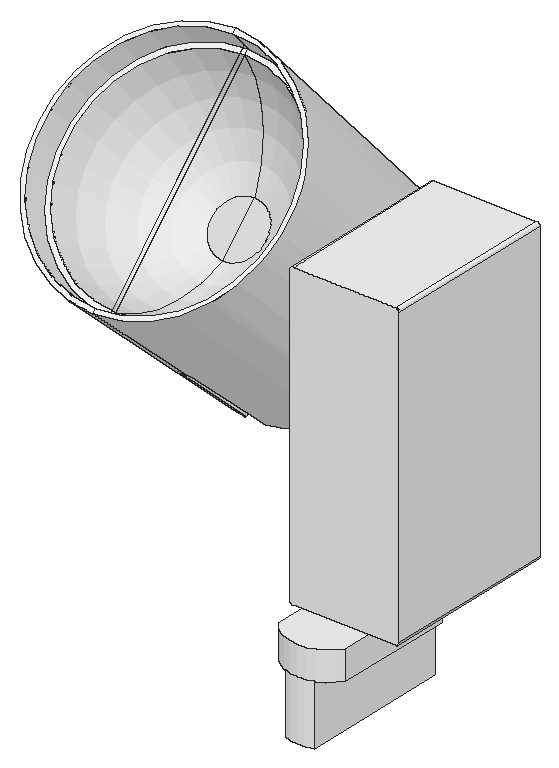
Revit family "0004882 Feilo Sylvania Lighting Fixture START TRACK SPOT L 55W 4K RA90 WB WHITE", category Lighting Fixtures, host Face, Revit 2017 (continued)
Definition of nested family "Start Track Spot Head"
  Types (96, lengths in mm): name | Wattage | built-in parameter 1150134 | Photometric Web File | Model | built-in parameter 1150105 | Lumens | built-in parameter 1150107 | built-in parameter 1150106 | HeadThickness_FEILO | HeadRibOffset_FEILO | HeadRibDepth_FEILO | HeadRibCutWidth_FEILO | HeadRibCutOffset_FEILO | HeadReflectorRadius_FEILO | HeadReflectorOffset_FEILO | HeadLEDRadius_FEILO | HeadHeight_FEILO | HeadDiffusorOffset_FEILO | HeadDiaOut_FEILO | HeadDiaIn_FEILO | HeadAxisFromTop_FEILO | Emit from Circle Diameter | built-in parameter 1150104 | Description | Apparent Load
    0004864 START TRACK SPOT S 24W 3K RA90 WB WHITE | 24 W | (empty or 0) | "0004864.ies" | "START TRACK SPOT S 24W 3K RA90 WB WHITE" | 152.79 (stored number, unit not read) | 1920 lm | 3000 (stored number, unit not read) | 1.5279 (stored number, unit not read) | 1.5 | 4.179 | 55.714 | 7.167 | 50.87 | 50.588 | 55.714 | 9.556 | 117 | 9.435 | 86 | 77.477 | 69.354 | 77.477 | 7.4322 (stored number, unit not read) | "Integrated LED spotlight, Textured White - RAL9016, compact and minimalist design, ideal for retail applications, die-cast aluminium body, passive cooling heatsink. Beam angle: 64°, color temperature: 3000K , total system power: 24W, total fixture output: 1928 lm, LOR: 100%, colour rendering: Ra: 90 typical, LED Chromaticity: 3 step MacAdam ellipse, lifetime: >50000 hours at L70B50, energy class: A++, A+, A, IR/UV free light source without heat radiation, operating voltage: 220-240V / 50-60Hz, drive current: 600mA, electronic driver, non-dimmable, power factor: 0.95, electrical protection: Class II, Global Track 3 Phase adapter suitable for Global trac 3-circuit tracks, ingress protection rating: IP20, suitable for internal environment only, horizontal rotation: 355°, vertical tilt: 90°, dimensions: Ø86x140x200, weight: 0.966kg." | 24 VA
    0004863 START TRACK SPOT S 24W 3K RA90 MB WHITE | 24 W | (empty or 0) | "0004863.ies" | "START TRACK SPOT S 24W 3K RA90 MB WHITE" | 154.7 (stored number, unit not read) | 1944 lm | 3000 (stored number, unit not read) | 1.547 (stored number, unit not read) | 1.5 | 4.179 | 55.714 | 7.167 | 50.87 | 50.588 | 55.714 | 9.556 | 117 | 9.435 | 86 | 77.477 | 69.354 | 77.477 | 7.5251 (stored number, unit not read) | "Integrated LED spotlight, Textured White - RAL9016, compact and minimalist design, ideal for retail applications, die-cast aluminium body, passive cooling heatsink. Beam angle: 36°, color temperature: 3000K , total system power: 24W, total fixture output: 1944 lm, LOR: 100%, colour rendering: Ra: 90 typical, LED Chromaticity: 3 step MacAdam ellipse, lifetime: >50000 hours at L70B50, energy class: A++, A+, A, IR/UV free light source without heat radiation, operating voltage: 220-240V / 50-60Hz, drive current: 600mA, electronic driver, non-dimmable, power factor: 0.95, electrical protection: Class II, Global Track 3 Phase adapter suitable for Global trac 3-circuit tracks, ingress protection rating: IP20, suitable for internal environment only, horizontal rotation: 355°, vertical tilt: 90°, dimensions: Ø86x140x200, weight: 0.966kg." | 24 VA
    0004862 START TRACK SPOT S 24W 3K RA90 NB WHITE | 24 W | (empty or 0) | "0004862.ies" | "START TRACK SPOT S 24W 3K RA90 NB WHITE" | 158.52 (stored number, unit not read) | 1992 lm | 3000 (stored number, unit not read) | 1.5852 (stored number, unit not read) | 1.5 | 4.179 | 55.714 | 7.167 | 50.87 | 50.588 | 55.714 | 9.556 | 117 | 9.435 | 86 | 77.477 | 69.354 | 77.477 | 7.711 (stored number, unit not read) | "Integrated LED spotlight, Textured White - RAL9016, compact and minimalist design, ideal for retail applications, die-cast aluminium body, passive cooling heatsink. Beam angle: 12°, color temperature: 3000K , total system power: 24W, total fixture output: 1987 lm, LOR: 100%, colour rendering: Ra: 90 typical, LED Chromaticity: 3 step MacAdam ellipse, lifetime: >50000 hours at L70B50, energy class: A++, A+, A, IR/UV free light source without heat radiation, operating voltage: 220-240V / 50-60Hz, drive current: 600mA, electronic driver, non-dimmable, power factor: 0.95, electrical protection: Class II, Global Track 3 Phase adapter suitable for Global trac 3-circuit tracks, ingress protection rating: IP20, suitable for internal environment only, horizontal rotation: 355°, vertical tilt: 90°, dimensions: Ø86x140x200, weight: 0.966kg." | 24 VA
    0004861 START TRACK SPOT S 14W 3K RA90 WB WHITE | 14 W | (empty or 0) | "0004861.ies" | "START TRACK SPOT S 14W 3K RA90 WB WHITE" | 100.27 (stored number, unit not read) | 1260 lm | 3000 (stored number, unit not read) | 1.0027 (stored number, unit not read) | 1.5 | 4.179 | 55.714 | 7.167 | 50.87 | 50.588 | 55.714 | 9.556 | 117 | 9.435 | 86 | 77.477 | 69.354 | 77.477 | 8.3613 (stored number, unit not read) | "Integrated LED spotlight, Textured White - RAL9016, compact and minimalist design, ideal for retail applications, die-cast aluminium body, passive cooling heatsink. Beam angle: 64°, color temperature: 3000K , total system power: 14W, total fixture output: 1262 lm, LOR: 100%, colour rendering: Ra: 90 typical, LED Chromaticity: 3 step MacAdam ellipse, lifetime: >50000 hours at L70B50, energy class: A++, A+, A, IR/UV free light source without heat radiation, operating voltage: 220-240V / 50-60Hz, drive current: 350mA, electronic driver, non-dimmable, power factor: 0.92, electrical protection: Class II, Global Track 3 Phase adapter suitable for Global trac 3-circuit tracks, ingress protection rating: IP20, suitable for internal environment only, horizontal rotation: 355°, vertical tilt: 90°, dimensions: Ø86x140x200, weight: 0.940kg." | 14 VA
    0004860 START TRACK SPOT S 14W 3K RA90 MB WHITE | 14 W | (empty or 0) | "0004860.ies" | "START TRACK SPOT S 14W 3K RA90 MB WHITE" | 100.27 (stored number, unit not read) | 1260 lm | 3000 (stored number, unit not read) | 1.0027 (stored number, unit not read) | 1.5 | 4.179 | 55.714 | 7.167 | 50.87 | 50.588 | 55.714 | 9.556 | 117 | 9.435 | 86 | 77.477 | 69.354 | 77.477 | 8.3613 (stored number, unit not read) | "Integrated LED spotlight, Textured White - RAL9016, compact and minimalist design, ideal for retail applications, die-cast aluminium body, passive cooling heatsink. Beam angle: 36°, color temperature: 3000K , total system power: 14W, total fixture output: 1262 lm, LOR: 100%, colour rendering: Ra: 90 typical, LED Chromaticity: 3 step MacAdam ellipse, lifetime: >50000 hours at L70B50, energy class: A++, A+, A, IR/UV free light source without heat radiation, operating voltage: 220-240V / 50-60Hz, drive current: 350mA, electronic driver, non-dimmable, power factor: 0.92, electrical protection: Class II, Global Track 3 Phase adapter suitable for Global trac 3-circuit tracks, ingress protection rating: IP20, suitable for internal environment only, horizontal rotation: 355°, vertical tilt: 90°, dimensions: Ø86x140x200, weight: 0.940kg." | 14 VA
    0004859 START TRACK SPOT S 14W 3K RA90 NB WHITE | 14 W | (empty or 0) | "0004859.ies" | "START TRACK SPOT S 14W 3K RA90 NB WHITE" | 102.5 (stored number, unit not read) | 1288 lm | 3000 (stored number, unit not read) | 1.025 (stored number, unit not read) | 1.5 | 4.179 | 55.714 | 7.167 | 50.87 | 50.588 | 55.714 | 9.556 | 117 | 9.435 | 86 | 77.477 | 69.354 | 77.477 | 8.5471 (stored number, unit not read) | "Integrated LED spotlight, Textured White - RAL9016, compact and minimalist design, ideal for retail applications, die-cast aluminium body, passive cooling heatsink. Beam angle: 12°, color temperature: 3000K , total system power: 14W, total fixture output: 1284 lm, LOR: 100%, colour rendering: Ra: 90 typical, LED Chromaticity: 3 step MacAdam ellipse, lifetime: >50000 hours at L70B50, energy class: A++, A+, A, IR/UV free light source without heat radiation, operating voltage: 220-240V / 50-60Hz, drive current: 350mA, electronic driver, non-dimmable, power factor: 0.92, electrical protection: Class II, Global Track 3 Phase adapter suitable for Global trac 3-circuit tracks, ingress protection rating: IP20, suitable for internal environment only, horizontal rotation: 355°, vertical tilt: 90°, dimensions: Ø86x140x200, weight: 0.940kg." | 14 VA
    0004858 START TRACK SPOT L 55W 4K RA80 WB BLACK | 55 W | 12 | "0004858.ies" | "START TRACK SPOT L 55W 4K RA80 WB BLACK" | 424.55 (stored number, unit not read) | 5335 lm | 4000 (stored number, unit not read) | 4.2455 (stored number, unit not read) | 2 | 4.429 | 59.048 | 9.417 | 53.913 | 66.471 | 59.048 | 12.556 | 124 | 10 | 113 | 101.802 | 73.503 | 101.802 | 9.0116 (stored number, unit not read) | "Integrated LED spotlight, Textured Black - RAL9005, compact and minimalist design, ideal for retail applications, die-cast aluminium body, passive cooling heatsink. Beam angle: 52°, color temperature: 4000K , total system power: 55W, total fixture output: 5320 lm, LOR: 100%, colour rendering: Ra: 80 typical, LED Chromaticity: 3 step MacAdam ellipse, lifetime: >50000 hours at L70B50, energy class: A++, A+, A, IR/UV free light source without heat radiation, operating voltage: 220-240V / 50-60Hz, drive current: 1400mA, electronic driver, non-dimmable, power factor: 0.96, electrical protection: Class II, Global Track 3 Phase adapter suitable for Global trac 3-circuit tracks, ingress protection rating: IP20, suitable for internal environment only, horizontal rotation: 355°, vertical tilt: 90°, dimensions: Ø113x164x240, weight: 1.398kg." | 55 VA
    0004857 START TRACK SPOT L 55W 4K RA80 MB BLACK | 55 W | 12 | "0004857.ies" | "START TRACK SPOT L 55W 4K RA80 MB BLACK" | 428.92 (stored number, unit not read) | 5390 lm | 4000 (stored number, unit not read) | 4.2892 (stored number, unit not read) | 2 | 4.429 | 59.048 | 9.417 | 53.913 | 66.471 | 59.048 | 12.556 | 124 | 10 | 113 | 101.802 | 73.503 | 101.802 | 9.1045 (stored number, unit not read) | "Integrated LED spotlight, Textured Black - RAL9005, compact and minimalist design, ideal for retail applications, die-cast aluminium body, passive cooling heatsink. Beam angle: 38°, color temperature: 4000K , total system power: 55W, total fixture output: 5378 lm, LOR: 100%, colour rendering: Ra: 80 typical, LED Chromaticity: 3 step MacAdam ellipse, lifetime: >50000 hours at L70B50, energy class: A++, A+, A, IR/UV free light source without heat radiation, operating voltage: 220-240V / 50-60Hz, drive current: 1400mA, electronic driver, non-dimmable, power factor: 0.96, electrical protection: Class II, Global Track 3 Phase adapter suitable for Global trac 3-circuit tracks, ingress protection rating: IP20, suitable for internal environment only, horizontal rotation: 355°, vertical tilt: 90°, dimensions: Ø113x164x240, weight: 1.398kg." | 55 VA
    0004856 START TRACK SPOT L 55W 4K RA80 NB BLACK | 55 W | 12 | "0004856.ies" | "START TRACK SPOT L 55W 4K RA80 NB BLACK" | 433.3 (stored number, unit not read) | 5445 lm | 4000 (stored number, unit not read) | 4.333 (stored number, unit not read) | 2 | 4.429 | 59.048 | 9.417 | 53.913 | 66.471 | 59.048 | 12.556 | 124 | 10 | 113 | 101.802 | 73.503 | 101.802 | 9.1974 (stored number, unit not read) | "Integrated LED spotlight, Textured Black - RAL9005, compact and minimalist design, ideal for retail applications, die-cast aluminium body, passive cooling heatsink. Beam angle: 15°, color temperature: 4000K , total system power: 55W, total fixture output: 5426 lm, LOR: 100%, colour rendering: Ra: 80 typical, LED Chromaticity: 3 step MacAdam ellipse, lifetime: >50000 hours at L70B50, energy class: A++, A+, A, IR/UV free light source without heat radiation, operating voltage: 220-240V / 50-60Hz, drive current: 1400mA, electronic driver, non-dimmable, power factor: 0.96, electrical protection: Class II, Global Track 3 Phase adapter suitable for Global trac 3-circuit tracks, ingress protection rating: IP20, suitable for internal environment only, horizontal rotation: 355°, vertical tilt: 90°, dimensions: Ø113x164x240, weight: 1.398kg." | 55 VA
    0004855 START TRACK SPOT L 35W 4K RA80 WB BLACK | 35 W | 12 | "0004855.ies" | "START TRACK SPOT L 35W 4K RA80 WB BLACK" | 320.3 (stored number, unit not read) | 4025 lm | 4000 (stored number, unit not read) | 3.203 (stored number, unit not read) | 2 | 4.429 | 59.048 | 9.417 | 53.913 | 66.471 | 59.048 | 12.556 | 124 | 10 | 113 | 101.802 | 73.503 | 101.802 | 10.684 (stored number, unit not read) | "Integrated LED spotlight, Textured Black - RAL9005, compact and minimalist design, ideal for retail applications, die-cast aluminium body, passive cooling heatsink. Beam angle: 52°, color temperature: 4000K , total system power: 35W, total fixture output: 4010 lm, LOR: 100%, colour rendering: Ra: 80 typical, LED Chromaticity: 3 step MacAdam ellipse, lifetime: >50000 hours at L70B50, energy class: A++, A+, A, IR/UV free light source without heat radiation, operating voltage: 220-240V / 50-60Hz, drive current: 900mA, electronic driver, non-dimmable, power factor: 0.93, electrical protection: Class II, Global Track 3 Phase adapter suitable for Global trac 3-circuit tracks, ingress protection rating: IP20, suitable for internal environment only, horizontal rotation: 355°, vertical tilt: 90°, dimensions: Ø113x164x240, weight: 1.368kg." | 35 VA
    0004854 START TRACK SPOT L 35W 4K RA80 MB BLACK | 35 W | 12 | "0004854.ies" | "START TRACK SPOT L 35W 4K RA80 MB BLACK" | 320.3 (stored number, unit not read) | 4025 lm | 4000 (stored number, unit not read) | 3.203 (stored number, unit not read) | 2 | 4.429 | 59.048 | 9.417 | 53.913 | 66.471 | 59.048 | 12.556 | 124 | 10 | 113 | 101.802 | 73.503 | 101.802 | 10.684 (stored number, unit not read) | "Integrated LED spotlight, Textured Black - RAL9005, compact and minimalist design, ideal for retail applications, die-cast aluminium body, passive cooling heatsink. Beam angle: 38°, color temperature: 4000K , total system power: 35W, total fixture output: 4017 lm, LOR: 100%, colour rendering: Ra: 80 typical, LED Chromaticity: 3 step MacAdam ellipse, lifetime: >50000 hours at L70B50, energy class: A++, A+, A, IR/UV free light source without heat radiation, operating voltage: 220-240V / 50-60Hz, drive current: 900mA, electronic driver, non-dimmable, power factor: 0.93, electrical protection: Class II, Global Track 3 Phase adapter suitable for Global trac 3-circuit tracks, ingress protection rating: IP20, suitable for internal environment only, horizontal rotation: 355°, vertical tilt: 90°, dimensions: Ø113x164x240, weight: 1.368kg." | 35 VA
    0004853 START TRACK SPOT L 35W 4K RA80 NB BLACK | 35 W | 12 | "0004853.ies" | "START TRACK SPOT L 35W 4K RA80 NB BLACK" | 331.44 (stored number, unit not read) | 4165 lm | 4000 (stored number, unit not read) | 3.3144 (stored number, unit not read) | 2 | 4.429 | 59.048 | 9.417 | 53.913 | 66.471 | 59.048 | 12.556 | 124 | 10 | 113 | 101.802 | 73.503 | 101.802 | 11.055 (stored number, unit not read) | "Integrated LED spotlight, Textured Black - RAL9005, compact and minimalist design, ideal for retail applications, die-cast aluminium body, passive cooling heatsink. Beam angle: 15°, color temperature: 4000K , total system power: 35W, total fixture output: 4174 lm, LOR: 100%, colour rendering: Ra: 80 typical, LED Chromaticity: 3 step MacAdam ellipse, lifetime: >50000 hours at L70B50, energy class: A++, A+, A, IR/UV free light source without heat radiation, operating voltage: 220-240V / 50-60Hz, drive current: 900mA, electronic driver, non-dimmable, power factor: 0.93, electrical protection: Class II, Global Track 3 Phase adapter suitable for Global trac 3-circuit tracks, ingress protection rating: IP20, suitable for internal environment only, horizontal rotation: 355°, vertical tilt: 90°, dimensions: Ø113x164x240, weight: 1.368kg." | 35 VA
    0004852 START TRACK SPOT S 24W 4K RA80 WB BLACK | 24 W | 12 | "0004852.ies" | "START TRACK SPOT S 24W 4K RA80 WB BLACK" | 196.72 (stored number, unit not read) | 2472 lm | 4000 (stored number, unit not read) | 1.9672 (stored number, unit not read) | 1.5 | 4.179 | 55.714 | 7.167 | 50.87 | 50.588 | 55.714 | 9.556 | 117 | 9.435 | 86 | 77.477 | 69.354 | 77.477 | 9.569 (stored number, unit not read) | "Integrated LED spotlight, Textured Black - RAL9005, compact and minimalist design, ideal for retail applications, die-cast aluminium body, passive cooling heatsink. Beam angle: 64°, color temperature: 4000K , total system power: 24W, total fixture output: 2476 lm, LOR: 100%, colour rendering: Ra: 80 typical, LED Chromaticity: 3 step MacAdam ellipse, lifetime: >50000 hours at L70B50, energy class: A++, A+, A, IR/UV free light source without heat radiation, operating voltage: 220-240V / 50-60Hz, drive current: 600mA, electronic driver, non-dimmable, power factor: 0.95, electrical protection: Class II, Global Track 3 Phase adapter suitable for Global trac 3-circuit tracks, ingress protection rating: IP20, suitable for internal environment only, horizontal rotation: 355°, vertical tilt: 90°, dimensions: Ø86x140x200, weight: 0.966kg." | 24 VA
    0004851 START TRACK SPOT S 24W 4K RA80 MB BLACK | 24 W | 12 | "0004851.ies" | "START TRACK SPOT S 24W 4K RA80 MB BLACK" | 198.63 (stored number, unit not read) | 2496 lm | 4000 (stored number, unit not read) | 1.9863 (stored number, unit not read) | 1.5 | 4.179 | 55.714 | 7.167 | 50.87 | 50.588 | 55.714 | 9.556 | 117 | 9.435 | 86 | 77.477 | 69.354 | 77.477 | 9.6619 (stored number, unit not read) | "Integrated LED spotlight, Textured Black - RAL9005, compact and minimalist design, ideal for retail applications, die-cast aluminium body, passive cooling heatsink. Beam angle: 36°, color temperature: 4000K , total system power: 24W, total fixture output: 2487 lm, LOR: 100%, colour rendering: Ra: 80 typical, LED Chromaticity: 3 step MacAdam ellipse, lifetime: >50000 hours at L70B50, energy class: A++, A+, A, IR/UV free light source without heat radiation, operating voltage: 220-240V / 50-60Hz, drive current: 600mA, electronic driver, non-dimmable, power factor: 0.95, electrical protection: Class II, Global Track 3 Phase adapter suitable for Global trac 3-circuit tracks, ingress protection rating: IP20, suitable for internal environment only, horizontal rotation: 355°, vertical tilt: 90°, dimensions: Ø86x140x200, weight: 0.966kg." | 24 VA
    0004850 START TRACK SPOT S 24W 4K RA80 NB BLACK | 24 W | 12 | "0004850.ies" | "START TRACK SPOT S 24W 4K RA80 NB BLACK" | 200.54 (stored number, unit not read) | 2520 lm | 4000 (stored number, unit not read) | 2.0054 (stored number, unit not read) | 1.5 | 4.179 | 55.714 | 7.167 | 50.87 | 50.588 | 55.714 | 9.556 | 117 | 9.435 | 86 | 77.477 | 69.354 | 77.477 | 9.7548 (stored number, unit not read) | "Integrated LED spotlight, Textured Black - RAL9005, compact and minimalist design, ideal for retail applications, die-cast aluminium body, passive cooling heatsink. Beam angle: 12°, color temperature: 4000K , total system power: 24W, total fixture output: 2529 lm, LOR: 100%, colour rendering: Ra: 80 typical, LED Chromaticity: 3 step MacAdam ellipse, lifetime: >50000 hours at L70B50, energy class: A++, A+, A, IR/UV free light source without heat radiation, operating voltage: 220-240V / 50-60Hz, drive current: 600mA, electronic driver, non-dimmable, power factor: 0.95, electrical protection: Class II, Global Track 3 Phase adapter suitable for Global trac 3-circuit tracks, ingress protection rating: IP20, suitable for internal environment only, horizontal rotation: 355°, vertical tilt: 90°, dimensions: Ø86x140x200, weight: 0.966kg." | 24 VA
    0004849 START TRACK SPOT S 14W 4K RA80 WB BLACK | 14 W | 12 | "0004849.ies" | "START TRACK SPOT S 14W 4K RA80 WB BLACK" | 123.66 (stored number, unit not read) | 1554 lm | 4000 (stored number, unit not read) | 1.2366 (stored number, unit not read) | 1.5 | 4.179 | 55.714 | 7.167 | 50.87 | 50.588 | 55.714 | 9.556 | 117 | 9.435 | 86 | 77.477 | 69.354 | 77.477 | 10.312 (stored number, unit not read) | "Integrated LED spotlight, Textured Black - RAL9005, compact and minimalist design, ideal for retail applications, die-cast aluminium body, passive cooling heatsink. Beam angle: 64°, color temperature: 4000K , total system power: 14W, total fixture output: 1558 lm, LOR: 100%, colour rendering: Ra: 80 typical, LED Chromaticity: 3 step MacAdam ellipse, lifetime: >50000 hours at L70B50, energy class: A++, A+, A, IR/UV free light source without heat radiation, operating voltage: 220-240V / 50-60Hz, drive current: 350mA, electronic driver, non-dimmable, power factor: 0.92, electrical protection: Class II, Global Track 3 Phase adapter suitable for Global trac 3-circuit tracks, ingress protection rating: IP20, suitable for internal environment only, horizontal rotation: 355°, vertical tilt: 90°, dimensions: Ø86x140x200, weight: 0.940kg." | 14 VA
    0004848 START TRACK SPOT S 14W 4K RA80 MB BLACK | 14 W | 12 | "0004848.ies" | "START TRACK SPOT S 14W 4K RA80 MB BLACK" | 127.01 (stored number, unit not read) | 1596 lm | 4000 (stored number, unit not read) | 1.2701 (stored number, unit not read) | 1.5 | 4.179 | 55.714 | 7.167 | 50.87 | 50.588 | 55.714 | 9.556 | 117 | 9.435 | 86 | 77.477 | 69.354 | 77.477 | 10.591 (stored number, unit not read) | "Integrated LED spotlight, Textured Black - RAL9005, compact and minimalist design, ideal for retail applications, die-cast aluminium body, passive cooling heatsink. Beam angle: 36°, color temperature: 4000K , total system power: 14W, total fixture output: 1598 lm, LOR: 100%, colour rendering: Ra: 80 typical, LED Chromaticity: 3 step MacAdam ellipse, lifetime: >50000 hours at L70B50, energy class: A++, A+, A, IR/UV free light source without heat radiation, operating voltage: 220-240V / 50-60Hz, drive current: 350mA, electronic driver, non-dimmable, power factor: 0.92, electrical protection: Class II, Global Track 3 Phase adapter suitable for Global trac 3-circuit tracks, ingress protection rating: IP20, suitable for internal environment only, horizontal rotation: 355°, vertical tilt: 90°, dimensions: Ø86x140x200, weight: 0.940kg." | 14 VA
    0004847 START TRACK SPOT S 14W 4K RA80 NB BLACK | 14 W | 12 | "0004847.ies" | "START TRACK SPOT S 14W 4K RA80 NB BLACK" | 128.12 (stored number, unit not read) | 1610 lm | 4000 (stored number, unit not read) | 1.2812 (stored number, unit not read) | 1.5 | 4.179 | 55.714 | 7.167 | 50.87 | 50.588 | 55.714 | 9.556 | 117 | 9.435 | 86 | 77.477 | 69.354 | 77.477 | 10.684 (stored number, unit not read) | "Integrated LED spotlight, Textured Black - RAL9005, compact and minimalist design, ideal for retail applications, die-cast aluminium body, passive cooling heatsink. Beam angle: 12°, color temperature: 4000K , total system power: 14W, total fixture output: 1608 lm, LOR: 100%, colour rendering: Ra: 80 typical, LED Chromaticity: 3 step MacAdam ellipse, lifetime: >50000 hours at L70B50, energy class: A++, A+, A, IR/UV free light source without heat radiation, operating voltage: 220-240V / 50-60Hz, drive current: 350mA, electronic driver, non-dimmable, power factor: 0.92, electrical protection: Class II, Global Track 3 Phase adapter suitable for Global trac 3-circuit tracks, ingress protection rating: IP20, suitable for internal environment only, horizontal rotation: 355°, vertical tilt: 90°, dimensions: Ø86x140x200, weight: 0.940kg." | 14 VA
    0004846 START TRACK SPOT L 55W 3K RA80 WB BLACK | 55 W | (empty or 0) | "0004846.ies" | "START TRACK SPOT L 55W 3K RA80 WB BLACK" | 420.17 (stored number, unit not read) | 5280 lm | 3000 (stored number, unit not read) | 4.2017 (stored number, unit not read) | 2 | 4.429 | 59.048 | 9.417 | 53.913 | 66.471 | 59.048 | 12.556 | 124 | 10 | 113 | 101.802 | 73.503 | 101.802 | 8.9187 (stored number, unit not read) | "Integrated LED spotlight, Textured Black - RAL9005, compact and minimalist design, ideal for retail applications, die-cast aluminium body, passive cooling heatsink. Beam angle: 52°, color temperature: 3000K , total system power: 55W, total fixture output: 5298 lm, LOR: 100%, colour rendering: Ra: 80 typical, LED Chromaticity: 3 step MacAdam ellipse, lifetime: >50000 hours at L70B50, energy class: A++, A+, A, IR/UV free light source without heat radiation, operating voltage: 220-240V / 50-60Hz, drive current: 1400mA, electronic driver, non-dimmable, power factor: 0.96, electrical protection: Class II, Global Track 3 Phase adapter suitable for Global trac 3-circuit tracks, ingress protection rating: IP20, suitable for internal environment only, horizontal rotation: 355°, vertical tilt: 90°, dimensions: Ø113x164x240, weight: 1.398kg." | 55 VA
    0004845 START TRACK SPOT L 55W 3K RA80 MB BLACK | 55 W | (empty or 0) | "0004845.ies" | "START TRACK SPOT L 55W 3K RA80 MB BLACK" | 428.92 (stored number, unit not read) | 5390 lm | 3000 (stored number, unit not read) | 4.2892 (stored number, unit not read) | 2 | 4.429 | 59.048 | 9.417 | 53.913 | 66.471 | 59.048 | 12.556 | 124 | 10 | 113 | 101.802 | 73.503 | 101.802 | 9.1045 (stored number, unit not read) | "Integrated LED spotlight, Textured Black - RAL9005, compact and minimalist design, ideal for retail applications, die-cast aluminium body, passive cooling heatsink. Beam angle: 38°, color temperature: 3000K , total system power: 55W, total fixture output: 5381 lm, LOR: 100%, colour rendering: Ra: 80 typical, LED Chromaticity: 3 step MacAdam ellipse, lifetime: >50000 hours at L70B50, energy class: A++, A+, A, IR/UV free light source without heat radiation, operating voltage: 220-240V / 50-60Hz, drive current: 1400mA, electronic driver, non-dimmable, power factor: 0.96, electrical protection: Class II, Global Track 3 Phase adapter suitable for Global trac 3-circuit tracks, ingress protection rating: IP20, suitable for internal environment only, horizontal rotation: 355°, vertical tilt: 90°, dimensions: Ø113x164x240, weight: 1.398kg." | 55 VA
    0004844 START TRACK SPOT L 55W 3K RA80 NB BLACK | 55 W | (empty or 0) | "0004844.ies" | "START TRACK SPOT L 55W 3K RA80 NB BLACK" | 433.3 (stored number, unit not read) | 5445 lm | 3000 (stored number, unit not read) | 4.333 (stored number, unit not read) | 2 | 4.429 | 59.048 | 9.417 | 53.913 | 66.471 | 59.048 | 12.556 | 124 | 10 | 113 | 101.802 | 73.503 | 101.802 | 9.1974 (stored number, unit not read) | "Integrated LED spotlight, Textured Black - RAL9005, compact and minimalist design, ideal for retail applications, die-cast aluminium body, passive cooling heatsink. Beam angle: 15°, color temperature: 3000K , total system power: 55W, total fixture output: 5449 lm, LOR: 100%, colour rendering: Ra: 80 typical, LED Chromaticity: 3 step MacAdam ellipse, lifetime: >50000 hours at L70B50, energy class: A++, A+, A, IR/UV free light source without heat radiation, operating voltage: 220-240V / 50-60Hz, drive current: 1400mA, electronic driver, non-dimmable, power factor: 0.96, electrical protection: Class II, Global Track 3 Phase adapter suitable for Global trac 3-circuit tracks, ingress protection rating: IP20, suitable for internal environment only, horizontal rotation: 355°, vertical tilt: 90°, dimensions: Ø113x164x240, weight: 1.398kg." | 55 VA
    0004843 START TRACK SPOT L 35W 3K RA80 WB BLACK | 35 W | (empty or 0) | "0004843.ies" | "START TRACK SPOT L 35W 3K RA80 WB BLACK" | 314.73 (stored number, unit not read) | 3955 lm | 3000 (stored number, unit not read) | 3.1473 (stored number, unit not read) | 2 | 4.429 | 59.048 | 9.417 | 53.913 | 66.471 | 59.048 | 12.556 | 124 | 10 | 113 | 101.802 | 73.503 | 101.802 | 10.498 (stored number, unit not read) | "Integrated LED spotlight, Textured Black - RAL9005, compact and minimalist design, ideal for retail applications, die-cast aluminium body, passive cooling heatsink. Beam angle: 52°, color temperature: 3000K , total system power: 35W, total fixture output: 3943 lm, LOR: 100%, colour rendering: Ra: 80 typical, LED Chromaticity: 3 step MacAdam ellipse, lifetime: >50000 hours at L70B50, energy class: A++, A+, A, IR/UV free light source without heat radiation, operating voltage: 220-240V / 50-60Hz, drive current: 900mA, electronic driver, non-dimmable, power factor: 0.93, electrical protection: Class II, Global Track 3 Phase adapter suitable for Global trac 3-circuit tracks, ingress protection rating: IP20, suitable for internal environment only, horizontal rotation: 355°, vertical tilt: 90°, dimensions: Ø113x164x240, weight: 1.368kg." | 35 VA
    0004842 START TRACK SPOT L 35W 3K RA80 MB BLACK | 35 W | (empty or 0) | "0004842.ies" | "START TRACK SPOT L 35W 3K RA80 MB BLACK" | 320.3 (stored number, unit not read) | 4025 lm | 3000 (stored number, unit not read) | 3.203 (stored number, unit not read) | 2 | 4.429 | 59.048 | 9.417 | 53.913 | 66.471 | 59.048 | 12.556 | 124 | 10 | 113 | 101.802 | 73.503 | 101.802 | 10.684 (stored number, unit not read) | "Integrated LED spotlight, Textured Black - RAL9005, compact and minimalist design, ideal for retail applications, die-cast aluminium body, passive cooling heatsink. Beam angle: 38°, color temperature: 3000K , total system power: 35W, total fixture output: 4008 lm, LOR: 100%, colour rendering: Ra: 80 typical, LED Chromaticity: 3 step MacAdam ellipse, lifetime: >50000 hours at L70B50, energy class: A++, A+, A, IR/UV free light source without heat radiation, operating voltage: 220-240V / 50-60Hz, drive current: 900mA, electronic driver, non-dimmable, power factor: 0.93, electrical protection: Class II, Global Track 3 Phase adapter suitable for Global trac 3-circuit tracks, ingress protection rating: IP20, suitable for internal environment only, horizontal rotation: 355°, vertical tilt: 90°, dimensions: Ø113x164x240, weight: 1.368kg." | 35 VA
    0004841 START TRACK SPOT L 35W 3K RA80 NB BLACK | 35 W | (empty or 0) | "0004841.ies" | "START TRACK SPOT L 35W 3K RA80 NB BLACK" | 317.51 (stored number, unit not read) | 3990 lm | 3000 (stored number, unit not read) | 3.1751 (stored number, unit not read) | 2 | 4.429 | 59.048 | 9.417 | 53.913 | 66.471 | 59.048 | 12.556 | 124 | 10 | 113 | 101.802 | 73.503 | 101.802 | 10.591 (stored number, unit not read) | "Integrated LED spotlight, Textured Black - RAL9005, compact and minimalist design, ideal for retail applications, die-cast aluminium body, passive cooling heatsink. Beam angle: 15°, color temperature: 3000K , total system power: 35W, total fixture output: 4005 lm, LOR: 100%, colour rendering: Ra: 80 typical, LED Chromaticity: 3 step MacAdam ellipse, lifetime: >50000 hours at L70B50, energy class: A++, A+, A, IR/UV free light source without heat radiation, operating voltage: 220-240V / 50-60Hz, drive current: 900mA, electronic driver, non-dimmable, power factor: 0.93, electrical protection: Class II, Global Track 3 Phase adapter suitable for Global trac 3-circuit tracks, ingress protection rating: IP20, suitable for internal environment only, horizontal rotation: 355°, vertical tilt: 90°, dimensions: Ø113x164x240, weight: 1.368kg." | 35 VA
    0004840 START TRACK SPOT S 24W 3K RA80 WB BLACK | 24 W | (empty or 0) | "0004840.ies" | "START TRACK SPOT S 24W 3K RA80 WB BLACK" | 185.26 (stored number, unit not read) | 2328 lm | 3000 (stored number, unit not read) | 1.8526 (stored number, unit not read) | 1.5 | 4.179 | 55.714 | 7.167 | 50.87 | 50.588 | 55.714 | 9.556 | 117 | 9.435 | 86 | 77.477 | 69.354 | 77.477 | 9.0116 (stored number, unit not read) | "Integrated LED spotlight, Textured Black - RAL9005, compact and minimalist design, ideal for retail applications, die-cast aluminium body, passive cooling heatsink. Beam angle: 64°, color temperature: 3000K , total system power: 24W, total fixture output: 2318 lm, LOR: 100%, colour rendering: Ra: 80 typical, LED Chromaticity: 3 step MacAdam ellipse, lifetime: >50000 hours at L70B50, energy class: A++, A+, A, IR/UV free light source without heat radiation, operating voltage: 220-240V / 50-60Hz, drive current: 600mA, electronic driver, non-dimmable, power factor: 0.95, electrical protection: Class II, Global Track 3 Phase adapter suitable for Global trac 3-circuit tracks, ingress protection rating: IP20, suitable for internal environment only, horizontal rotation: 355°, vertical tilt: 90°, dimensions: Ø86x140x200, weight: 0.966kg." | 24 VA
    0004839 START TRACK SPOT S 24W 3K RA80 MB BLACK | 24 W | (empty or 0) | "0004839.ies" | "START TRACK SPOT S 24W 3K RA80 MB BLACK" | 183.35 (stored number, unit not read) | 2304 lm | 3000 (stored number, unit not read) | 1.8335 (stored number, unit not read) | 1.5 | 4.179 | 55.714 | 7.167 | 50.87 | 50.588 | 55.714 | 9.556 | 117 | 9.435 | 86 | 77.477 | 69.354 | 77.477 | 8.9187 (stored number, unit not read) | "Integrated LED spotlight, Textured Black - RAL9005, compact and minimalist design, ideal for retail applications, die-cast aluminium body, passive cooling heatsink. Beam angle: 36°, color temperature: 3000K , total system power: 24W, total fixture output: 2314 lm, LOR: 100%, colour rendering: Ra: 80 typical, LED Chromaticity: 3 step MacAdam ellipse, lifetime: >50000 hours at L70B50, energy class: A++, A+, A, IR/UV free light source without heat radiation, operating voltage: 220-240V / 50-60Hz, drive current: 600mA, electronic driver, non-dimmable, power factor: 0.95, electrical protection: Class II, Global Track 3 Phase adapter suitable for Global trac 3-circuit tracks, ingress protection rating: IP20, suitable for internal environment only, horizontal rotation: 355°, vertical tilt: 90°, dimensions: Ø86x140x200, weight: 0.966kg." | 24 VA
    0004838 START TRACK SPOT S 24W 3K RA80 NB BLACK | 24 W | (empty or 0) | "0004838.ies" | "START TRACK SPOT S 24W 3K RA80 NB BLACK" | 185.26 (stored number, unit not read) | 2328 lm | 3000 (stored number, unit not read) | 1.8526 (stored number, unit not read) | 1.5 | 4.179 | 55.714 | 7.167 | 50.87 | 50.588 | 55.714 | 9.556 | 117 | 9.435 | 86 | 77.477 | 69.354 | 77.477 | 9.0116 (stored number, unit not read) | "Integrated LED spotlight, Textured Black - RAL9005, compact and minimalist design, ideal for retail applications, die-cast aluminium body, passive cooling heatsink. Beam angle: 12°, color temperature: 3000K , total system power: 24W, total fixture output: 2334 lm, LOR: 100%, colour rendering: Ra: 80 typical, LED Chromaticity: 3 step MacAdam ellipse, lifetime: >50000 hours at L70B50, energy class: A++, A+, A, IR/UV free light source without heat radiation, operating voltage: 220-240V / 50-60Hz, drive current: 600mA, electronic driver, non-dimmable, power factor: 0.95, electrical protection: Class II, Global Track 3 Phase adapter suitable for Global trac 3-circuit tracks, ingress protection rating: IP20, suitable for internal environment only, horizontal rotation: 355°, vertical tilt: 90°, dimensions: Ø86x140x200, weight: 0.966kg." | 24 VA
    0004837 START TRACK SPOT S 14W 3K RA80 WB BLACK | 14 W | (empty or 0) | "0004837.ies" | "START TRACK SPOT S 14W 3K RA80 WB BLACK" | 119.21 (stored number, unit not read) | 1498 lm | 3000 (stored number, unit not read) | 1.1921 (stored number, unit not read) | 1.5 | 4.179 | 55.714 | 7.167 | 50.87 | 50.588 | 55.714 | 9.556 | 117 | 9.435 | 86 | 77.477 | 69.354 | 77.477 | 9.9406 (stored number, unit not read) | "Integrated LED spotlight, Textured Black - RAL9005, compact and minimalist design, ideal for retail applications, die-cast aluminium body, passive cooling heatsink. Beam angle: 64°, color temperature: 3000K , total system power: 14W, total fixture output: 1498 lm, LOR: 100%, colour rendering: Ra: 80 typical, LED Chromaticity: 3 step MacAdam ellipse, lifetime: >50000 hours at L70B50, energy class: A++, A+, A, IR/UV free light source without heat radiation, operating voltage: 220-240V / 50-60Hz, drive current: 350mA, electronic driver, non-dimmable, power factor: 0.92, electrical protection: Class II, Global Track 3 Phase adapter suitable for Global trac 3-circuit tracks, ingress protection rating: IP20, suitable for internal environment only, horizontal rotation: 355°, vertical tilt: 90°, dimensions: Ø86x140x200, weight: 0.940kg." | 14 VA
    0004836 START TRACK SPOT S 14W 3K RA80 MB BLACK | 14 W | (empty or 0) | "0004836.ies" | "START TRACK SPOT S 14W 3K RA80 MB BLACK" | 120.32 (stored number, unit not read) | 1512 lm | 3000 (stored number, unit not read) | 1.2032 (stored number, unit not read) | 1.5 | 4.179 | 55.714 | 7.167 | 50.87 | 50.588 | 55.714 | 9.556 | 117 | 9.435 | 86 | 77.477 | 69.354 | 77.477 | 10.034 (stored number, unit not read) | "Integrated LED spotlight, Textured Black - RAL9005, compact and minimalist design, ideal for retail applications, die-cast aluminium body, passive cooling heatsink. Beam angle: 36°, color temperature: 3000K , total system power: 14W, total fixture output: 1508 lm, LOR: 100%, colour rendering: Ra: 80 typical, LED Chromaticity: 3 step MacAdam ellipse, lifetime: >50000 hours at L70B50, energy class: A++, A+, A, IR/UV free light source without heat radiation, operating voltage: 220-240V / 50-60Hz, drive current: 350mA, electronic driver, non-dimmable, power factor: 0.92, electrical protection: Class II, Global Track 3 Phase adapter suitable for Global trac 3-circuit tracks, ingress protection rating: IP20, suitable for internal environment only, horizontal rotation: 355°, vertical tilt: 90°, dimensions: Ø86x140x200, weight: 0.940kg." | 14 VA
    0004835 START TRACK SPOT S 14W 3K RA80 NB BLACK | 14 W | (empty or 0) | "0004835.ies" | "START TRACK SPOT S 14W 3K RA80 NB BLACK" | 123.66 (stored number, unit not read) | 1554 lm | 3000 (stored number, unit not read) | 1.2366 (stored number, unit not read) | 1.5 | 4.179 | 55.714 | 7.167 | 50.87 | 50.588 | 55.714 | 9.556 | 117 | 9.435 | 86 | 77.477 | 69.354 | 77.477 | 10.312 (stored number, unit not read) | "Integrated LED spotlight, Textured Black - RAL9005, compact and minimalist design, ideal for retail applications, die-cast aluminium body, passive cooling heatsink. Beam angle: 12°, color temperature: 3000K , total system power: 14W, total fixture output: 1551 lm, LOR: 100%, colour rendering: Ra: 80 typical, LED Chromaticity: 3 step MacAdam ellipse, lifetime: >50000 hours at L70B50, energy class: A++, A+, A, IR/UV free light source without heat radiation, operating voltage: 220-240V / 50-60Hz, drive current: 350mA, electronic driver, non-dimmable, power factor: 0.92, electrical protection: Class II, Global Track 3 Phase adapter suitable for Global trac 3-circuit tracks, ingress protection rating: IP20, suitable for internal environment only, horizontal rotation: 355°, vertical tilt: 90°, dimensions: Ø86x140x200, weight: 0.940kg." | 14 VA
    0004834 START TRACK SPOT L 55W 4K RA80 WB WHITE | 55 W | 12 | "0004834.ies" | "START TRACK SPOT L 55W 4K RA80 WB WHITE" | 424.55 (stored number, unit not read) | 5335 lm | 4000 (stored number, unit not read) | 4.2455 (stored number, unit not read) | 2 | 4.429 | 59.048 | 9.417 | 53.913 | 66.471 | 59.048 | 12.556 | 124 | 10 | 113 | 101.802 | 73.503 | 101.802 | 9.0116 (stored number, unit not read) | "Integrated LED spotlight, Textured White - RAL9016, compact and minimalist design, ideal for retail applications, die-cast aluminium body, passive cooling heatsink. Beam angle: 52°, color temperature: 4000K , total system power: 55W, total fixture output: 5320 lm, LOR: 100%, colour rendering: Ra: 80 typical, LED Chromaticity: 3 step MacAdam ellipse, lifetime: >50000 hours at L70B50, energy class: A++, A+, A, IR/UV free light source without heat radiation, operating voltage: 220-240V / 50-60Hz, drive current: 1400mA, electronic driver, non-dimmable, power factor: 0.96, electrical protection: Class II, Global Track 3 Phase adapter suitable for Global trac 3-circuit tracks, ingress protection rating: IP20, suitable for internal environment only, horizontal rotation: 355°, vertical tilt: 90°, dimensions: Ø113x164x240, weight: 1.398kg." | 55 VA
    0004833 START TRACK SPOT L 55W 4K RA80 MB WHITE | 55 W | 12 | "0004833.ies" | "START TRACK SPOT L 55W 4K RA80 MB WHITE" | 428.92 (stored number, unit not read) | 5390 lm | 4000 (stored number, unit not read) | 4.2892 (stored number, unit not read) | 2 | 4.429 | 59.048 | 9.417 | 53.913 | 66.471 | 59.048 | 12.556 | 124 | 10 | 113 | 101.802 | 73.503 | 101.802 | 9.1045 (stored number, unit not read) | "Integrated LED spotlight, Textured White - RAL9016, compact and minimalist design, ideal for retail applications, die-cast aluminium body, passive cooling heatsink. Beam angle: 38°, color temperature: 4000K , total system power: 55W, total fixture output: 5378 lm, LOR: 100%, colour rendering: Ra: 80 typical, LED Chromaticity: 3 step MacAdam ellipse, lifetime: >50000 hours at L70B50, energy class: A++, A+, A, IR/UV free light source without heat radiation, operating voltage: 220-240V / 50-60Hz, drive current: 1400mA, electronic driver, non-dimmable, power factor: 0.96, electrical protection: Class II, Global Track 3 Phase adapter suitable for Global trac 3-circuit tracks, ingress protection rating: IP20, suitable for internal environment only, horizontal rotation: 355°, vertical tilt: 90°, dimensions: Ø113x164x240, weight: 1.398kg." | 55 VA
    0004832 START TRACK SPOT L 55W 4K RA80 NB WHITE | 55 W | 12 | "0004832.ies" | "START TRACK SPOT L 55W 4K RA80 NB WHITE" | 433.3 (stored number, unit not read) | 5445 lm | 4000 (stored number, unit not read) | 4.333 (stored number, unit not read) | 2 | 4.429 | 59.048 | 9.417 | 53.913 | 66.471 | 59.048 | 12.556 | 124 | 10 | 113 | 101.802 | 73.503 | 101.802 | 9.1974 (stored number, unit not read) | "Integrated LED spotlight, Textured White - RAL9016, compact and minimalist design, ideal for retail applications, die-cast aluminium body, passive cooling heatsink. Beam angle: 15°, color temperature: 4000K , total system power: 55W, total fixture output: 5426 lm, LOR: 100%, colour rendering: Ra: 80 typical, LED Chromaticity: 3 step MacAdam ellipse, lifetime: >50000 hours at L70B50, energy class: A++, A+, A, IR/UV free light source without heat radiation, operating voltage: 220-240V / 50-60Hz, drive current: 1400mA, electronic driver, non-dimmable, power factor: 0.96, electrical protection: Class II, Global Track 3 Phase adapter suitable for Global trac 3-circuit tracks, ingress protection rating: IP20, suitable for internal environment only, horizontal rotation: 355°, vertical tilt: 90°, dimensions: Ø113x164x240, weight: 1.398kg." | 55 VA
    0004831 START TRACK SPOT L 35W 4K RA80 WB WHITE | 35 W | 12 | "0004831.ies" | "START TRACK SPOT L 35W 4K RA80 WB WHITE" | 320.3 (stored number, unit not read) | 4025 lm | 4000 (stored number, unit not read) | 3.203 (stored number, unit not read) | 2 | 4.429 | 59.048 | 9.417 | 53.913 | 66.471 | 59.048 | 12.556 | 124 | 10 | 113 | 101.802 | 73.503 | 101.802 | 10.684 (stored number, unit not read) | "Integrated LED spotlight, Textured White - RAL9016, compact and minimalist design, ideal for retail applications, die-cast aluminium body, passive cooling heatsink. Beam angle: 52°, color temperature: 4000K , total system power: 35W, total fixture output: 4010 lm, LOR: 100%, colour rendering: Ra: 80 typical, LED Chromaticity: 3 step MacAdam ellipse, lifetime: >50000 hours at L70B50, energy class: A++, A+, A, IR/UV free light source without heat radiation, operating voltage: 220-240V / 50-60Hz, drive current: 900mA, electronic driver, non-dimmable, power factor: 0.93, electrical protection: Class II, Global Track 3 Phase adapter suitable for Global trac 3-circuit tracks, ingress protection rating: IP20, suitable for internal environment only, horizontal rotation: 355°, vertical tilt: 90°, dimensions: Ø113x164x240, weight: 1.368kg." | 35 VA
    0004830 START TRACK SPOT L 35W 4K RA80 MB WHITE | 35 W | 12 | "0004830.ies" | "START TRACK SPOT L 35W 4K RA80 MB WHITE" | 320.3 (stored number, unit not read) | 4025 lm | 4000 (stored number, unit not read) | 3.203 (stored number, unit not read) | 2 | 4.429 | 59.048 | 9.417 | 53.913 | 66.471 | 59.048 | 12.556 | 124 | 10 | 113 | 101.802 | 73.503 | 101.802 | 10.684 (stored number, unit not read) | "Integrated LED spotlight, Textured White - RAL9016, compact and minimalist design, ideal for retail applications, die-cast aluminium body, passive cooling heatsink. Beam angle: 38°, color temperature: 4000K , total system power: 35W, total fixture output: 4017 lm, LOR: 100%, colour rendering: Ra: 80 typical, LED Chromaticity: 3 step MacAdam ellipse, lifetime: >50000 hours at L70B50, energy class: A++, A+, A, IR/UV free light source without heat radiation, operating voltage: 220-240V / 50-60Hz, drive current: 900mA, electronic driver, non-dimmable, power factor: 0.93, electrical protection: Class II, Global Track 3 Phase adapter suitable for Global trac 3-circuit tracks, ingress protection rating: IP20, suitable for internal environment only, horizontal rotation: 355°, vertical tilt: 90°, dimensions: Ø113x164x240, weight: 1.368kg." | 35 VA
    0004829 START TRACK SPOT L 35W 4K RA80 NB WHITE | 35 W | 12 | "0004829.ies" | "START TRACK SPOT L 35W 4K RA80 NB WHITE" | 331.44 (stored number, unit not read) | 4165 lm | 4000 (stored number, unit not read) | 3.3144 (stored number, unit not read) | 2 | 4.429 | 59.048 | 9.417 | 53.913 | 66.471 | 59.048 | 12.556 | 124 | 10 | 113 | 101.802 | 73.503 | 101.802 | 11.055 (stored number, unit not read) | "Integrated LED spotlight, Textured White - RAL9016, compact and minimalist design, ideal for retail applications, die-cast aluminium body, passive cooling heatsink. Beam angle: 15°, color temperature: 4000K , total system power: 35W, total fixture output: 4174 lm, LOR: 100%, colour rendering: Ra: 80 typical, LED Chromaticity: 3 step MacAdam ellipse, lifetime: >50000 hours at L70B50, energy class: A++, A+, A, IR/UV free light source without heat radiation, operating voltage: 220-240V / 50-60Hz, drive current: 900mA, electronic driver, non-dimmable, power factor: 0.93, electrical protection: Class II, Global Track 3 Phase adapter suitable for Global trac 3-circuit tracks, ingress protection rating: IP20, suitable for internal environment only, horizontal rotation: 355°, vertical tilt: 90°, dimensions: Ø113x164x240, weight: 1.368kg." | 35 VA
    0004828 START TRACK SPOT S 24W 4K RA80 WB WHITE | 24 W | 12 | "0004828.ies" | "START TRACK SPOT S 24W 4K RA80 WB WHITE" | 196.72 (stored number, unit not read) | 2472 lm | 4000 (stored number, unit not read) | 1.9672 (stored number, unit not read) | 1.5 | 4.179 | 55.714 | 7.167 | 50.87 | 50.588 | 55.714 | 9.556 | 117 | 9.435 | 86 | 77.477 | 69.354 | 77.477 | 9.569 (stored number, unit not read) | "Integrated LED spotlight, Textured White - RAL9016, compact and minimalist design, ideal for retail applications, die-cast aluminium body, passive cooling heatsink. Beam angle: 64°, color temperature: 4000K , total system power: 24W, total fixture output: 2476 lm, LOR: 100%, colour rendering: Ra: 80 typical, LED Chromaticity: 3 step MacAdam ellipse, lifetime: >50000 hours at L70B50, energy class: A++, A+, A, IR/UV free light source without heat radiation, operating voltage: 220-240V / 50-60Hz, drive current: 600mA, electronic driver, non-dimmable, power factor: 0.95, electrical protection: Class II, Global Track 3 Phase adapter suitable for Global trac 3-circuit tracks, ingress protection rating: IP20, suitable for internal environment only, horizontal rotation: 355°, vertical tilt: 90°, dimensions: Ø86x140x200, weight: 0.966kg." | 24 VA
    0004827 START TRACK SPOT S 24W 4K RA80 MB WHITE | 24 W | 12 | "0004827.ies" | "START TRACK SPOT S 24W 4K RA80 MB WHITE" | 198.63 (stored number, unit not read) | 2496 lm | 4000 (stored number, unit not read) | 1.9863 (stored number, unit not read) | 1.5 | 4.179 | 55.714 | 7.167 | 50.87 | 50.588 | 55.714 | 9.556 | 117 | 9.435 | 86 | 77.477 | 69.354 | 77.477 | 9.6619 (stored number, unit not read) | "Integrated LED spotlight, Textured White - RAL9016, compact and minimalist design, ideal for retail applications, die-cast aluminium body, passive cooling heatsink. Beam angle: 36°, color temperature: 4000K , total system power: 24W, total fixture output: 2487 lm, LOR: 100%, colour rendering: Ra: 80 typical, LED Chromaticity: 3 step MacAdam ellipse, lifetime: >50000 hours at L70B50, energy class: A++, A+, A, IR/UV free light source without heat radiation, operating voltage: 220-240V / 50-60Hz, drive current: 600mA, electronic driver, non-dimmable, power factor: 0.95, electrical protection: Class II, Global Track 3 Phase adapter suitable for Global trac 3-circuit tracks, ingress protection rating: IP20, suitable for internal environment only, horizontal rotation: 355°, vertical tilt: 90°, dimensions: Ø86x140x200, weight: 0.966kg." | 24 VA
    0004826 START TRACK SPOT S 24W 4K RA80 NB WHITE | 24 W | 12 | "0004826.ies" | "START TRACK SPOT S 24W 4K RA80 NB WHITE" | 200.54 (stored number, unit not read) | 2520 lm | 4000 (stored number, unit not read) | 2.0054 (stored number, unit not read) | 1.5 | 4.179 | 55.714 | 7.167 | 50.87 | 50.588 | 55.714 | 9.556 | 117 | 9.435 | 86 | 77.477 | 69.354 | 77.477 | 9.7548 (stored number, unit not read) | "Integrated LED spotlight, Textured White - RAL9016, compact and minimalist design, ideal for retail applications, die-cast aluminium body, passive cooling heatsink. Beam angle: 12°, color temperature: 4000K , total system power: 24W, total fixture output: 2529 lm, LOR: 100%, colour rendering: Ra: 80 typical, LED Chromaticity: 3 step MacAdam ellipse, lifetime: >50000 hours at L70B50, energy class: A++, A+, A, IR/UV free light source without heat radiation, operating voltage: 220-240V / 50-60Hz, drive current: 600mA, electronic driver, non-dimmable, power factor: 0.95, electrical protection: Class II, Global Track 3 Phase adapter suitable for Global trac 3-circuit tracks, ingress protection rating: IP20, suitable for internal environment only, horizontal rotation: 355°, vertical tilt: 90°, dimensions: Ø86x140x200, weight: 0.966kg." | 24 VA
    0004825 START TRACK SPOT S 14W 4K RA80 WB WHITE | 14 W | 12 | "0004825.ies" | "START TRACK SPOT S 14W 4K RA80 WB WHITE" | 123.66 (stored number, unit not read) | 1554 lm | 4000 (stored number, unit not read) | 1.2366 (stored number, unit not read) | 1.5 | 4.179 | 55.714 | 7.167 | 50.87 | 50.588 | 55.714 | 9.556 | 117 | 9.435 | 86 | 77.477 | 69.354 | 77.477 | 10.312 (stored number, unit not read) | "Integrated LED spotlight, Textured White - RAL9016, compact and minimalist design, ideal for retail applications, die-cast aluminium body, passive cooling heatsink. Beam angle: 64°, color temperature: 4000K , total system power: 14W, total fixture output: 1558 lm, LOR: 100%, colour rendering: Ra: 80 typical, LED Chromaticity: 3 step MacAdam ellipse, lifetime: >50000 hours at L70B50, energy class: A++, A+, A, IR/UV free light source without heat radiation, operating voltage: 220-240V / 50-60Hz, drive current: 350mA, electronic driver, non-dimmable, power factor: 0.92, electrical protection: Class II, Global Track 3 Phase adapter suitable for Global trac 3-circuit tracks, ingress protection rating: IP20, suitable for internal environment only, horizontal rotation: 355°, vertical tilt: 90°, dimensions: Ø86x140x200, weight: 0.940kg." | 14 VA
    0004824 START TRACK SPOT S 14W 4K RA80 MB WHITE | 14 W | 12 | "0004824.ies" | "START TRACK SPOT S 14W 4K RA80 MB WHITE" | 127.01 (stored number, unit not read) | 1596 lm | 4000 (stored number, unit not read) | 1.2701 (stored number, unit not read) | 1.5 | 4.179 | 55.714 | 7.167 | 50.87 | 50.588 | 55.714 | 9.556 | 117 | 9.435 | 86 | 77.477 | 69.354 | 77.477 | 10.591 (stored number, unit not read) | "Integrated LED spotlight, Textured White - RAL9016, compact and minimalist design, ideal for retail applications, die-cast aluminium body, passive cooling heatsink. Beam angle: 36°, color temperature: 4000K , total system power: 14W, total fixture output: 1598 lm, LOR: 100%, colour rendering: Ra: 80 typical, LED Chromaticity: 3 step MacAdam ellipse, lifetime: >50000 hours at L70B50, energy class: A++, A+, A, IR/UV free light source without heat radiation, operating voltage: 220-240V / 50-60Hz, drive current: 350mA, electronic driver, non-dimmable, power factor: 0.92, electrical protection: Class II, Global Track 3 Phase adapter suitable for Global trac 3-circuit tracks, ingress protection rating: IP20, suitable for internal environment only, horizontal rotation: 355°, vertical tilt: 90°, dimensions: Ø86x140x200, weight: 0.940kg." | 14 VA
    0004823 START TRACK SPOT S 14W 4K RA80 NB WHITE | 14 W | 12 | "0004823.ies" | "START TRACK SPOT S 14W 4K RA80 NB WHITE" | 128.12 (stored number, unit not read) | 1610 lm | 4000 (stored number, unit not read) | 1.2812 (stored number, unit not read) | 1.5 | 4.179 | 55.714 | 7.167 | 50.87 | 50.588 | 55.714 | 9.556 | 117 | 9.435 | 86 | 77.477 | 69.354 | 77.477 | 10.684 (stored number, unit not read) | "Integrated LED spotlight, Textured White - RAL9016, compact and minimalist design, ideal for retail applications, die-cast aluminium body, passive cooling heatsink. Beam angle: 12°, color temperature: 4000K , total system power: 14W, total fixture output: 1608 lm, LOR: 100%, colour rendering: Ra: 80 typical, LED Chromaticity: 3 step MacAdam ellipse, lifetime: >50000 hours at L70B50, energy class: A++, A+, A, IR/UV free light source without heat radiation, operating voltage: 220-240V / 50-60Hz, drive current: 350mA, electronic driver, non-dimmable, power factor: 0.92, electrical protection: Class II, Global Track 3 Phase adapter suitable for Global trac 3-circuit tracks, ingress protection rating: IP20, suitable for internal environment only, horizontal rotation: 355°, vertical tilt: 90°, dimensions: Ø86x140x200, weight: 0.940kg." | 14 VA
    0004822 START TRACK SPOT L 55W 3K RA80 WB WHITE | 55 W | (empty or 0) | "0004822.ies" | "START TRACK SPOT L 55W 3K RA80 WB WHITE" | 420.17 (stored number, unit not read) | 5280 lm | 3000 (stored number, unit not read) | 4.2017 (stored number, unit not read) | 2 | 4.429 | 59.048 | 9.417 | 53.913 | 66.471 | 59.048 | 12.556 | 124 | 10 | 113 | 101.802 | 73.503 | 101.802 | 8.9187 (stored number, unit not read) | "Integrated LED spotlight, Textured White - RAL9016, compact and minimalist design, ideal for retail applications, die-cast aluminium body, passive cooling heatsink. Beam angle: 52°, color temperature: 3000K , total system power: 55W, total fixture output: 5298 lm, LOR: 100%, colour rendering: Ra: 80 typical, LED Chromaticity: 3 step MacAdam ellipse, lifetime: >50000 hours at L70B50, energy class: A++, A+, A, IR/UV free light source without heat radiation, operating voltage: 220-240V / 50-60Hz, drive current: 1400mA, electronic driver, non-dimmable, power factor: 0.96, electrical protection: Class II, Global Track 3 Phase adapter suitable for Global trac 3-circuit tracks, ingress protection rating: IP20, suitable for internal environment only, horizontal rotation: 355°, vertical tilt: 90°, dimensions: Ø113x164x240, weight: 1.398kg." | 55 VA
    0004821 START TRACK SPOT L 55W 3K RA80 MB WHITE | 55 W | (empty or 0) | "0004821.ies" | "START TRACK SPOT L 55W 3K RA80 MB WHITE" | 428.92 (stored number, unit not read) | 5390 lm | 3000 (stored number, unit not read) | 4.2892 (stored number, unit not read) | 2 | 4.429 | 59.048 | 9.417 | 53.913 | 66.471 | 59.048 | 12.556 | 124 | 10 | 113 | 101.802 | 73.503 | 101.802 | 9.1045 (stored number, unit not read) | "Integrated LED spotlight, Textured White - RAL9016, compact and minimalist design, ideal for retail applications, die-cast aluminium body, passive cooling heatsink. Beam angle: 38°, color temperature: 3000K , total system power: 55W, total fixture output: 5381 lm, LOR: 100%, colour rendering: Ra: 80 typical, LED Chromaticity: 3 step MacAdam ellipse, lifetime: >50000 hours at L70B50, energy class: A++, A+, A, IR/UV free light source without heat radiation, operating voltage: 220-240V / 50-60Hz, drive current: 1400mA, electronic driver, non-dimmable, power factor: 0.96, electrical protection: Class II, Global Track 3 Phase adapter suitable for Global trac 3-circuit tracks, ingress protection rating: IP20, suitable for internal environment only, horizontal rotation: 355°, vertical tilt: 90°, dimensions: Ø113x164x240, weight: 1.398kg." | 55 VA
    0004820 START TRACK SPOT L 55W 3K RA80 NB WHITE | 55 W | (empty or 0) | "0004820.ies" | "START TRACK SPOT L 55W 3K RA80 NB WHITE" | 433.3 (stored number, unit not read) | 5445 lm | 3000 (stored number, unit not read) | 4.333 (stored number, unit not read) | 2 | 4.429 | 59.048 | 9.417 | 53.913 | 66.471 | 59.048 | 12.556 | 124 | 10 | 113 | 101.802 | 73.503 | 101.802 | 9.1974 (stored number, unit not read) | "Integrated LED spotlight, Textured White - RAL9016, compact and minimalist design, ideal for retail applications, die-cast aluminium body, passive cooling heatsink. Beam angle: 15°, color temperature: 3000K , total system power: 55W, total fixture output: 5449 lm, LOR: 100%, colour rendering: Ra: 80 typical, LED Chromaticity: 3 step MacAdam ellipse, lifetime: >50000 hours at L70B50, energy class: A++, A+, A, IR/UV free light source without heat radiation, operating voltage: 220-240V / 50-60Hz, drive current: 1400mA, electronic driver, non-dimmable, power factor: 0.96, electrical protection: Class II, Global Track 3 Phase adapter suitable for Global trac 3-circuit tracks, ingress protection rating: IP20, suitable for internal environment only, horizontal rotation: 355°, vertical tilt: 90°, dimensions: Ø113x164x240, weight: 1.398kg." | 55 VA
    0004819 START TRACK SPOT L 35W 3K RA80 WB WHITE | 35 W | (empty or 0) | "0004819.ies" | "START TRACK SPOT L 35W 3K RA80 WB WHITE" | 314.73 (stored number, unit not read) | 3955 lm | 3000 (stored number, unit not read) | 3.1473 (stored number, unit not read) | 2 | 4.429 | 59.048 | 9.417 | 53.913 | 66.471 | 59.048 | 12.556 | 124 | 10 | 113 | 101.802 | 73.503 | 101.802 | 10.498 (stored number, unit not read) | "Integrated LED spotlight, Textured White - RAL9016, compact and minimalist design, ideal for retail applications, die-cast aluminium body, passive cooling heatsink. Beam angle: 52°, color temperature: 3000K , total system power: 35W, total fixture output: 3943 lm, LOR: 100%, colour rendering: Ra: 80 typical, LED Chromaticity: 3 step MacAdam ellipse, lifetime: >50000 hours at L70B50, energy class: A++, A+, A, IR/UV free light source without heat radiation, operating voltage: 220-240V / 50-60Hz, drive current: 900mA, electronic driver, non-dimmable, power factor: 0.93, electrical protection: Class II, Global Track 3 Phase adapter suitable for Global trac 3-circuit tracks, ingress protection rating: IP20, suitable for internal environment only, horizontal rotation: 355°, vertical tilt: 90°, dimensions: Ø113x164x240, weight: 1.368kg." | 35 VA
    0004818 START TRACK SPOT L 35W 3K RA80 MB WHITE | 35 W | (empty or 0) | "0004818.ies" | "START TRACK SPOT L 35W 3K RA80 MB WHITE" | 320.3 (stored number, unit not read) | 4025 lm | 3000 (stored number, unit not read) | 3.203 (stored number, unit not read) | 2 | 4.429 | 59.048 | 9.417 | 53.913 | 66.471 | 59.048 | 12.556 | 124 | 10 | 113 | 101.802 | 73.503 | 101.802 | 10.684 (stored number, unit not read) | "Integrated LED spotlight, Textured White - RAL9016, compact and minimalist design, ideal for retail applications, die-cast aluminium body, passive cooling heatsink. Beam angle: 38°, color temperature: 3000K , total system power: 35W, total fixture output: 4008 lm, LOR: 100%, colour rendering: Ra: 80 typical, LED Chromaticity: 3 step MacAdam ellipse, lifetime: >50000 hours at L70B50, energy class: A++, A+, A, IR/UV free light source without heat radiation, operating voltage: 220-240V / 50-60Hz, drive current: 900mA, electronic driver, non-dimmable, power factor: 0.93, electrical protection: Class II, Global Track 3 Phase adapter suitable for Global trac 3-circuit tracks, ingress protection rating: IP20, suitable for internal environment only, horizontal rotation: 355°, vertical tilt: 90°, dimensions: Ø113x164x240, weight: 1.368kg." | 35 VA
    0004817 START TRACK SPOT L 35W 3K RA80 NB WHITE | 35 W | (empty or 0) | "0004817.ies" | "START TRACK SPOT L 35W 3K RA80 NB WHITE" | 317.51 (stored number, unit not read) | 3990 lm | 3000 (stored number, unit not read) | 3.1751 (stored number, unit not read) | 2 | 4.429 | 59.048 | 9.417 | 53.913 | 66.471 | 59.048 | 12.556 | 124 | 10 | 113 | 101.802 | 73.503 | 101.802 | 10.591 (stored number, unit not read) | "Integrated LED spotlight, Textured White - RAL9016, compact and minimalist design, ideal for retail applications, die-cast aluminium body, passive cooling heatsink. Beam angle: 15°, color temperature: 3000K , total system power: 35W, total fixture output: 4005 lm, LOR: 100%, colour rendering: Ra: 80 typical, LED Chromaticity: 3 step MacAdam ellipse, lifetime: >50000 hours at L70B50, energy class: A++, A+, A, IR/UV free light source without heat radiation, operating voltage: 220-240V / 50-60Hz, drive current: 900mA, electronic driver, non-dimmable, power factor: 0.93, electrical protection: Class II, Global Track 3 Phase adapter suitable for Global trac 3-circuit tracks, ingress protection rating: IP20, suitable for internal environment only, horizontal rotation: 355°, vertical tilt: 90°, dimensions: Ø113x164x240, weight: 1.368kg." | 35 VA
    0004816 START TRACK SPOT S 24W 3K RA80 WB WHITE | 24 W | (empty or 0) | "0004816.ies" | "START TRACK SPOT S 24W 3K RA80 WB WHITE" | 185.26 (stored number, unit not read) | 2328 lm | 3000 (stored number, unit not read) | 1.8526 (stored number, unit not read) | 1.5 | 4.179 | 55.714 | 7.167 | 50.87 | 50.588 | 55.714 | 9.556 | 117 | 9.435 | 86 | 77.477 | 69.354 | 77.477 | 9.0116 (stored number, unit not read) | "Integrated LED spotlight, Textured White - RAL9016, compact and minimalist design, ideal for retail applications, die-cast aluminium body, passive cooling heatsink. Beam angle: 64°, color temperature: 3000K , total system power: 24W, total fixture output: 2318 lm, LOR: 100%, colour rendering: Ra: 80 typical, LED Chromaticity: 3 step MacAdam ellipse, lifetime: >50000 hours at L70B50, energy class: A++, A+, A, IR/UV free light source without heat radiation, operating voltage: 220-240V / 50-60Hz, drive current: 600mA, electronic driver, non-dimmable, power factor: 0.95, electrical protection: Class II, Global Track 3 Phase adapter suitable for Global trac 3-circuit tracks, ingress protection rating: IP20, suitable for internal environment only, horizontal rotation: 355°, vertical tilt: 90°, dimensions: Ø86x140x200, weight: 0.966kg." | 24 VA
    0004815 START TRACK SPOT S 24W 3K RA80 MB WHITE | 24 W | (empty or 0) | "0004815.ies" | "START TRACK SPOT S 24W 3K RA80 MB WHITE" | 183.35 (stored number, unit not read) | 2304 lm | 3000 (stored number, unit not read) | 1.8335 (stored number, unit not read) | 1.5 | 4.179 | 55.714 | 7.167 | 50.87 | 50.588 | 55.714 | 9.556 | 117 | 9.435 | 86 | 77.477 | 69.354 | 77.477 | 8.9187 (stored number, unit not read) | "Integrated LED spotlight, Textured White - RAL9016, compact and minimalist design, ideal for retail applications, die-cast aluminium body, passive cooling heatsink. Beam angle: 36°, color temperature: 3000K , total system power: 24W, total fixture output: 2314 lm, LOR: 100%, colour rendering: Ra: 80 typical, LED Chromaticity: 3 step MacAdam ellipse, lifetime: >50000 hours at L70B50, energy class: A++, A+, A, IR/UV free light source without heat radiation, operating voltage: 220-240V / 50-60Hz, drive current: 600mA, electronic driver, non-dimmable, power factor: 0.95, electrical protection: Class II, Global Track 3 Phase adapter suitable for Global trac 3-circuit tracks, ingress protection rating: IP20, suitable for internal environment only, horizontal rotation: 355°, vertical tilt: 90°, dimensions: Ø86x140x200, weight: 0.966kg." | 24 VA
    0004814 START TRACK SPOT S 24W 3K RA80 NB WHITE | 24 W | (empty or 0) | "0004814.ies" | "START TRACK SPOT S 24W 3K RA80 NB WHITE" | 185.26 (stored number, unit not read) | 2328 lm | 3000 (stored number, unit not read) | 1.8526 (stored number, unit not read) | 1.5 | 4.179 | 55.714 | 7.167 | 50.87 | 50.588 | 55.714 | 9.556 | 117 | 9.435 | 86 | 77.477 | 69.354 | 77.477 | 9.0116 (stored number, unit not read) | "Integrated LED spotlight, Textured White - RAL9016, compact and minimalist design, ideal for retail applications, die-cast aluminium body, passive cooling heatsink. Beam angle: 12°, color temperature: 3000K , total system power: 24W, total fixture output: 2334 lm, LOR: 100%, colour rendering: Ra: 80 typical, LED Chromaticity: 3 step MacAdam ellipse, lifetime: >50000 hours at L70B50, energy class: A++, A+, A, IR/UV free light source without heat radiation, operating voltage: 220-240V / 50-60Hz, drive current: 600mA, electronic driver, non-dimmable, power factor: 0.95, electrical protection: Class II, Global Track 3 Phase adapter suitable for Global trac 3-circuit tracks, ingress protection rating: IP20, suitable for internal environment only, horizontal rotation: 355°, vertical tilt: 90°, dimensions: Ø86x140x200, weight: 0.966kg." | 24 VA
    0004813 START TRACK SPOT S 14W 3K RA80 WB WHITE | 14 W | (empty or 0) | "0004813.ies" | "START TRACK SPOT S 14W 3K RA80 WB WHITE" | 119.21 (stored number, unit not read) | 1498 lm | 3000 (stored number, unit not read) | 1.1921 (stored number, unit not read) | 1.5 | 4.179 | 55.714 | 7.167 | 50.87 | 50.588 | 55.714 | 9.556 | 117 | 9.435 | 86 | 77.477 | 69.354 | 77.477 | 9.9406 (stored number, unit not read) | "Integrated LED spotlight, Textured White - RAL9016, compact and minimalist design, ideal for retail applications, die-cast aluminium body, passive cooling heatsink. Beam angle: 64°, color temperature: 3000K , total system power: 14W, total fixture output: 1498 lm, LOR: 100%, colour rendering: Ra: 80 typical, LED Chromaticity: 3 step MacAdam ellipse, lifetime: >50000 hours at L70B50, energy class: A++, A+, A, IR/UV free light source without heat radiation, operating voltage: 220-240V / 50-60Hz, drive current: 350mA, electronic driver, non-dimmable, power factor: 0.92, electrical protection: Class II, Global Track 3 Phase adapter suitable for Global trac 3-circuit tracks, ingress protection rating: IP20, suitable for internal environment only, horizontal rotation: 355°, vertical tilt: 90°, dimensions: Ø86x140x200, weight: 0.940kg." | 14 VA
